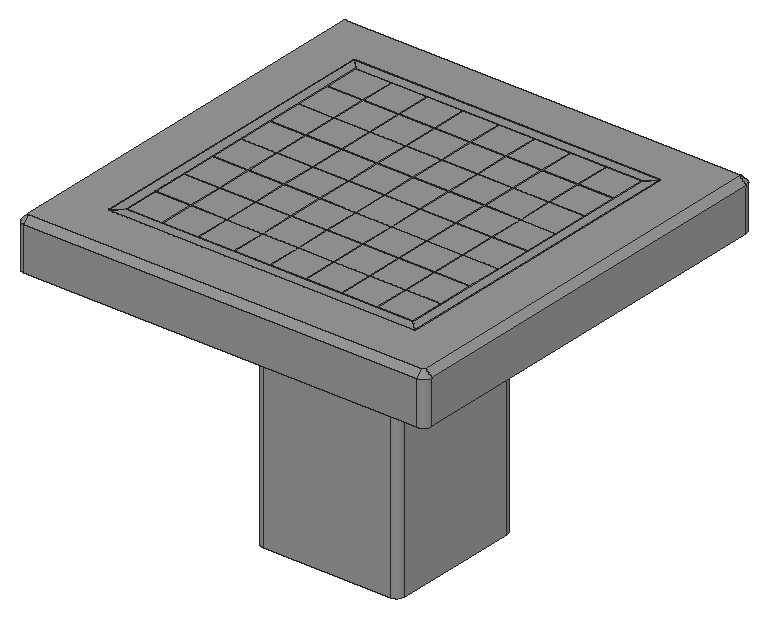
Revit family "13995 Комплект мебели «Лотос» Хоббика", category Антураж, Revit 2018
Family settings
  На основе рабочей плоскости = Нет
  Всегда вертикально = Да
  При загрузке вырезать с полостями = Нет
  Источник визуального образа = Геометрия семейства
  Общий = Нет
  Точка расчета площади = Нет
Parameters (values of type "Комплект мебели «Лотос». Стол")
  Ширина = if(Стол, 1000 mm, 350 mm)  # 1000 mm
  Цвет сидения = none
  Цвет основания = Бетон
  Стол = yes
  Пуф = not(Стол)  # no
  Описание = if(Стол, "Комплект мебели «Лотос». Стол", "Комплект мебели «Лотос». Пуф")  # "Комплект мебели «Лотос». Стол"
  Материал изделия = "Бетон, дерево"  # constant formula
  Изображение типоразмера = Комплект мебели «Лотос» Арт 13995.jpg
  Изготовитель = "ООО «Хоббика»"  # constant formula
  Длина = if(Стол, 1000 mm, 350 mm)  # 1000 mm
  Группа модели = "Комплекты садовой мебели"  # constant formula
  Высота = if(Стол, 750 mm, 470 mm)  # 750 mm
  Артикул товара = "Арт. 13995"  # constant formula
  URL = "https://hobbyka.ru/product/komplekt_mebeli_lotos/"
Types (3, lengths in mm): name | Ширина | Цвет сидения | Стол | Пуф | Описание | Длина | Высота
  (no name) | 1000 | none | yes | no | "Комплект мебели «Лотос». Стол" | 1000 | 750
  Комплект мебели «Лотос». Стол | 1000 | none | yes | no | "Комплект мебели «Лотос». Стол" | 1000 | 750
  Комплект мебели «Лотос». Пуф | 350 | Дерево | no | yes | "Комплект мебели «Лотос». Пуф" | 350 | 470
Reference planes
  plane 1 "По центру (Вперед/Назад)": y = 0
  plane 2: z = 0
  plane 3 "По центру (Влево/Вправо)": x = 0
Forms (mm)
  Extrusion 1, solid, material "Бетон" <- "Цвет основания", visible <- "Стол"
    sketch origin (0, 0, 0) x (1, 0, 0) y (0, 1, 0)
      loop
        arc (-155, 175) -> (-169.142, 169.142) -> (-175, 155) r 20
        line (-175, 155) -> (-175, -155)
        arc (-175, -155) -> (-169.142, -169.142) -> (-155, -175) r 20
        line (-155, -175) -> (155, -175)
        arc (155, -175) -> (169.142, -169.142) -> (175, -155) r 20
        line (175, -155) -> (175, 155)
        arc (175, 155) -> (169.142, 169.142) -> (155, 175) r 20
        line (155, 175) -> (-155, 175)
    from 0 to 630
  Extrusion 2, solid, material "Бетон" <- "Цвет основания", visible <- "Стол"
    sketch origin (0, 0, 0) x (1, 0, 0) y (0, 1, 0)
      loop
        arc (-480, 500) -> (-494.142, 494.142) -> (-500, 480) r 20
        line (-500, 480) -> (-500, -480)
        arc (-500, -480) -> (-494.142, -494.142) -> (-480, -500) r 20
        line (-480, -500) -> (480, -500)
        arc (480, -500) -> (494.142, -494.142) -> (500, -480) r 20
        line (500, -480) -> (500, 480)
        arc (500, 480) -> (494.142, 494.142) -> (480, 500) r 20
        line (480, 500) -> (-480, 500)
    from 630 to 750
  Sweep 3, void
    path origin (0, 0, 0) x (1, 0, 0) y (0, 1, 0)
      loop
        line (500, -480) -> (500, 480)
        arc (500, 480) -> (494.142, 494.142) -> (480, 500) r 20
        line (480, 500) -> (-480, 500)
        arc (-480, 500) -> (-494.142, 494.142) -> (-500, 480) r 20
        line (-500, 480) -> (-500, -480)
        arc (-500, -480) -> (-494.142, -494.142) -> (-480, -500) r 20
        line (-480, -500) -> (480, -500)
        arc (480, -500) -> (494.142, -494.142) -> (500, -480) r 20
    profile origin (500, 0, 0) x (-1, 0, 0) y (0, 0, 1)
      loop
        line (15.004, 750) -> (0, 750) -> (0, 734.996) -> (15.004, 750)
  Extrusion 4, void
    sketch origin (0, 0, 0) x (1, 0, 0) y (0, 1, 0)
      loop
        line (370, 375) -> (-370, 375)
        arc (-370, 375) -> (-373.533, 373.537) -> (-374.996, 370.004) r 4.996
        line (-374.996, 370.004) -> (-374.996, -370)
        arc (-374.996, -370) -> (-373.533, -373.533) -> (-370, -374.996) r 4.996
        line (-370, -374.996) -> (370, -374.996)
        arc (370, -374.996) -> (373.533, -373.533) -> (374.996, -370) r 4.996
        line (374.996, -370) -> (374.996, 370.004)
        arc (374.996, 370.004) -> (373.533, 373.537) -> (370, 375) r 4.996
    from 734.996 to 750
  Extrusion 5, solid, material "Черные клетки", visible <- "Стол"
    sketch origin (-0.025, -0.025, 0) x (0.00004, -1, 0) y (1, 0.00004, 0)
      loop
        line (373.456, -373.559) -> (350.52, -349.967) -> (-350.685, -349.967) -> (-373.568, -373.506)
        arc (-373.568, -373.506) -> (-371.947, -374.59) -> (-370.033, -374.971) r 4.996
        line (-370.033, -374.971) -> (369.975, -374.971)
        arc (369.975, -374.971) -> (371.853, -374.605) -> (373.456, -373.559) r 4.996
      loop
        arc (373.486, 373.58) -> (371.883, 374.625) -> (370.005, 374.992) r 4.996
        line (370.005, 374.992) -> (-370.003, 375.051)
        arc (-370.003, 375.051) -> (-371.917, 374.67) -> (-373.538, 373.586) r 4.996
        line (-373.538, 373.586) -> (-350.657, 350.045) -> (350.548, 349.989) -> (373.486, 373.58)
    from 734.996 to 750
  Extrusion 6, solid, material "Белые клетки", visible <- "Стол"
    sketch origin (0, 0, 0) x (1, -0.000075, 0) y (0.000075, 1, 0)
      loop
        line (-262.519, 349.992) -> (-350.032, 349.992) -> (-350.032, 262.473) -> (-262.509, 262.473) -> (-262.519, 349.992)
      loop
        line (-87.494, 350.005) -> (-175.007, 350.005) -> (-175.007, 262.486) -> (-87.484, 262.486) -> (-87.494, 350.005)
      loop
        line (87.531, 350.018) -> (0.018, 350.018) -> (0.018, 262.499) -> (87.541, 262.499) -> (87.531, 350.018)
      loop
        line (262.556, 350.031) -> (175.044, 350.031) -> (175.054, 262.512) -> (262.566, 262.512) -> (262.556, 350.031)
      loop
        line (-262.506, 174.969) -> (-350.019, 174.969) -> (-350.019, 87.45) -> (-262.496, 87.45) -> (-262.506, 174.969)
      loop
        line (-87.481, 174.982) -> (-174.994, 174.982) -> (-174.994, 87.463) -> (-87.471, 87.463) -> (-87.481, 174.982)
      loop
        line (87.544, 174.995) -> (0.032, 174.995) -> (0.032, 87.476) -> (87.554, 87.476) -> (87.544, 174.995)
      loop
        line (262.569, 175.008) -> (175.057, 175.008) -> (175.067, 87.489) -> (262.579, 87.489) -> (262.569, 175.008)
      loop
        line (-262.493, -0.055) -> (-350.006, -0.055) -> (-350.006, -87.574) -> (-262.483, -87.574) -> (-262.493, -0.055)
      loop
        line (-87.468, -0.042) -> (-174.981, -0.042) -> (-174.981, -87.561) -> (-87.458, -87.561) -> (-87.468, -0.042)
      loop
        line (87.557, -0.028) -> (0.045, -0.028) -> (0.045, -87.547) -> (87.567, -87.547) -> (87.557, -0.028)
      loop
        line (262.583, -0.015) -> (175.07, -0.015) -> (175.08, -87.534) -> (262.593, -87.534) -> (262.583, -0.015)
      loop
        line (-262.48, -175.078) -> (-349.993, -175.078) -> (-349.993, -262.597) -> (-262.47, -262.597) -> (-262.48, -175.078)
      loop
        line (-87.455, -175.065) -> (-174.967, -175.065) -> (-174.967, -262.584) -> (-87.445, -262.584) -> (-87.455, -175.065)
      loop
        line (87.57, -175.052) -> (0.058, -175.052) -> (0.058, -262.571) -> (87.58, -262.571) -> (87.57, -175.052)
      loop
        line (262.596, -175.039) -> (175.083, -175.039) -> (175.093, -262.558) -> (262.606, -262.558) -> (262.596, -175.039)
    from 734.996 to 750
  Extrusion 7, solid, material "Бетон" <- "Цвет основания", visible <- "Пуф"
    sketch origin (0, 0, 0) x (1, 0, 0) y (0, 1, 0)
      loop
        arc (-155, 175) -> (-169.142, 169.142) -> (-175, 155) r 20
        line (-175, 155) -> (-175, -155)
        arc (-175, -155) -> (-169.142, -169.142) -> (-155, -175) r 20
        line (-155, -175) -> (155, -175)
        arc (155, -175) -> (169.142, -169.142) -> (175, -155) r 20
        line (175, -155) -> (175, 155)
        arc (175, 155) -> (169.142, 169.142) -> (155, 175) r 20
        line (155, 175) -> (-155, 175)
    from 0 to 450
  Extrusion 8, solid, material <- "Цвет сидения", visible <- "Пуф"
    sketch origin (0, 0, 0) x (1, 0, 0) y (0, 0, 1)
      loop
        line (-175, 450) -> (-95, 450) -> (-95, 470) -> (-175, 470) -> (-175, 450)
      loop
        line (175, 450) -> (175, 470) -> (95, 470) -> (95, 450) -> (175, 450)
      loop
        line (-85, 450) -> (-5, 450) -> (-5, 470) -> (-85, 470) -> (-85, 450)
      loop
        line (85, 450) -> (85, 470) -> (5, 470) -> (5, 450) -> (85, 450)
    from -175 to 175
  Extrusion 9, solid, material "Черные клетки", visible <- "Стол"
    sketch origin (-0.041, 0.041, 0) x (-1, -0.000015, 0) y (0.000015, -1, 0)
      loop
        line (373.456, -373.559) -> (350.52, -349.967) -> (-350.685, -349.967) -> (-373.568, -373.506)
        arc (-373.568, -373.506) -> (-371.947, -374.59) -> (-370.033, -374.971) r 4.996
        line (-370.033, -374.971) -> (369.975, -374.971)
        arc (369.975, -374.971) -> (371.853, -374.605) -> (373.456, -373.559) r 4.996
      loop
        arc (373.486, 373.58) -> (371.883, 374.625) -> (370.005, 374.992) r 4.996
        line (370.005, 374.992) -> (-370.003, 375.051)
        arc (-370.003, 375.051) -> (-371.917, 374.67) -> (-373.538, 373.586) r 4.996
        line (-373.538, 373.586) -> (-350.657, 350.045) -> (350.548, 349.989) -> (373.486, 373.58)
    from 734.996 to 750
  Extrusion 10, solid, material "Черные клетки", visible <- "Стол"
    sketch origin (87.519, 0, 0) x (1, -0.000075, 0) y (0.000075, 1, 0)
      loop
        line (-262.519, 349.992) -> (-350.032, 349.992) -> (-350.032, 262.473) -> (-262.509, 262.473) -> (-262.519, 349.992)
      loop
        line (-87.494, 350.005) -> (-175.007, 350.005) -> (-175.007, 262.486) -> (-87.484, 262.486) -> (-87.494, 350.005)
      loop
        line (87.531, 350.018) -> (0.018, 350.018) -> (0.018, 262.499) -> (87.541, 262.499) -> (87.531, 350.018)
      loop
        line (262.556, 350.031) -> (175.044, 350.031) -> (175.054, 262.512) -> (262.566, 262.512) -> (262.556, 350.031)
      loop
        line (-262.506, 174.969) -> (-350.019, 174.969) -> (-350.019, 87.45) -> (-262.496, 87.45) -> (-262.506, 174.969)
      loop
        line (-87.481, 174.982) -> (-174.994, 174.982) -> (-174.994, 87.463) -> (-87.471, 87.463) -> (-87.481, 174.982)
      loop
        line (87.544, 174.995) -> (0.032, 174.995) -> (0.032, 87.476) -> (87.554, 87.476) -> (87.544, 174.995)
      loop
        line (262.569, 175.008) -> (175.057, 175.008) -> (175.067, 87.489) -> (262.579, 87.489) -> (262.569, 175.008)
      loop
        line (-262.493, -0.055) -> (-350.006, -0.055) -> (-350.006, -87.574) -> (-262.483, -87.574) -> (-262.493, -0.055)
      loop
        line (-87.468, -0.042) -> (-174.981, -0.042) -> (-174.981, -87.561) -> (-87.458, -87.561) -> (-87.468, -0.042)
      loop
        line (87.557, -0.028) -> (0.045, -0.028) -> (0.045, -87.547) -> (87.567, -87.547) -> (87.557, -0.028)
      loop
        line (262.583, -0.015) -> (175.07, -0.015) -> (175.08, -87.534) -> (262.593, -87.534) -> (262.583, -0.015)
      loop
        line (-262.48, -175.078) -> (-349.993, -175.078) -> (-349.993, -262.597) -> (-262.47, -262.597) -> (-262.48, -175.078)
      loop
        line (-87.455, -175.065) -> (-174.967, -175.065) -> (-174.967, -262.584) -> (-87.445, -262.584) -> (-87.455, -175.065)
      loop
        line (87.57, -175.052) -> (0.058, -175.052) -> (0.058, -262.571) -> (87.58, -262.571) -> (87.57, -175.052)
      loop
        line (262.596, -175.039) -> (175.083, -175.039) -> (175.093, -262.558) -> (262.606, -262.558) -> (262.596, -175.039)
    from 734.996 to 750
  Extrusion 11, solid, material "Черные клетки", visible <- "Стол"
    sketch origin (-0.004, -87.523, 0) x (1, -0.000075, 0) y (0.000075, 1, 0)
      loop
        line (-262.519, 349.992) -> (-350.032, 349.992) -> (-350.032, 262.473) -> (-262.509, 262.473) -> (-262.519, 349.992)
      loop
        line (-87.494, 350.005) -> (-175.007, 350.005) -> (-175.007, 262.486) -> (-87.484, 262.486) -> (-87.494, 350.005)
      loop
        line (87.531, 350.018) -> (0.018, 350.018) -> (0.018, 262.499) -> (87.541, 262.499) -> (87.531, 350.018)
      loop
        line (262.556, 350.031) -> (175.044, 350.031) -> (175.054, 262.512) -> (262.566, 262.512) -> (262.556, 350.031)
      loop
        line (-262.506, 174.969) -> (-350.019, 174.969) -> (-350.019, 87.45) -> (-262.496, 87.45) -> (-262.506, 174.969)
      loop
        line (-87.481, 174.982) -> (-174.994, 174.982) -> (-174.994, 87.463) -> (-87.471, 87.463) -> (-87.481, 174.982)
      loop
        line (87.544, 174.995) -> (0.032, 174.995) -> (0.032, 87.476) -> (87.554, 87.476) -> (87.544, 174.995)
      loop
        line (262.569, 175.008) -> (175.057, 175.008) -> (175.067, 87.489) -> (262.579, 87.489) -> (262.569, 175.008)
      loop
        line (-262.493, -0.055) -> (-350.006, -0.055) -> (-350.006, -87.574) -> (-262.483, -87.574) -> (-262.493, -0.055)
      loop
        line (-87.468, -0.042) -> (-174.981, -0.042) -> (-174.981, -87.561) -> (-87.458, -87.561) -> (-87.468, -0.042)
      loop
        line (87.557, -0.028) -> (0.045, -0.028) -> (0.045, -87.547) -> (87.567, -87.547) -> (87.557, -0.028)
      loop
        line (262.583, -0.015) -> (175.07, -0.015) -> (175.08, -87.534) -> (262.593, -87.534) -> (262.583, -0.015)
      loop
        line (-262.48, -175.078) -> (-349.993, -175.078) -> (-349.993, -262.597) -> (-262.47, -262.597) -> (-262.48, -175.078)
      loop
        line (-87.455, -175.065) -> (-174.967, -175.065) -> (-174.967, -262.584) -> (-87.445, -262.584) -> (-87.455, -175.065)
      loop
        line (87.57, -175.052) -> (0.058, -175.052) -> (0.058, -262.571) -> (87.58, -262.571) -> (87.57, -175.052)
      loop
        line (262.596, -175.039) -> (175.083, -175.039) -> (175.093, -262.558) -> (262.606, -262.558) -> (262.596, -175.039)
    from 734.996 to 750
  Extrusion 12, solid, material "Белые клетки", visible <- "Стол"
    sketch origin (87.512, -87.512, 0) x (1, -0.000075, 0) y (0.000075, 1, 0)
      loop
        line (-262.519, 349.992) -> (-350.032, 349.992) -> (-350.032, 262.473) -> (-262.509, 262.473) -> (-262.519, 349.992)
      loop
        line (-87.494, 350.005) -> (-175.007, 350.005) -> (-175.007, 262.486) -> (-87.484, 262.486) -> (-87.494, 350.005)
      loop
        line (87.531, 350.018) -> (0.018, 350.018) -> (0.018, 262.499) -> (87.541, 262.499) -> (87.531, 350.018)
      loop
        line (262.556, 350.031) -> (175.044, 350.031) -> (175.054, 262.512) -> (262.566, 262.512) -> (262.556, 350.031)
      loop
        line (-262.506, 174.969) -> (-350.019, 174.969) -> (-350.019, 87.45) -> (-262.496, 87.45) -> (-262.506, 174.969)
      loop
        line (-87.481, 174.982) -> (-174.994, 174.982) -> (-174.994, 87.463) -> (-87.471, 87.463) -> (-87.481, 174.982)
      loop
        line (87.544, 174.995) -> (0.032, 174.995) -> (0.032, 87.476) -> (87.554, 87.476) -> (87.544, 174.995)
      loop
        line (262.569, 175.008) -> (175.057, 175.008) -> (175.067, 87.489) -> (262.579, 87.489) -> (262.569, 175.008)
      loop
        line (-262.493, -0.055) -> (-350.006, -0.055) -> (-350.006, -87.574) -> (-262.483, -87.574) -> (-262.493, -0.055)
      loop
        line (-87.468, -0.042) -> (-174.981, -0.042) -> (-174.981, -87.561) -> (-87.458, -87.561) -> (-87.468, -0.042)
      loop
        line (87.557, -0.028) -> (0.045, -0.028) -> (0.045, -87.547) -> (87.567, -87.547) -> (87.557, -0.028)
      loop
        line (262.583, -0.015) -> (175.07, -0.015) -> (175.08, -87.534) -> (262.593, -87.534) -> (262.583, -0.015)
      loop
        line (-262.48, -175.078) -> (-349.993, -175.078) -> (-349.993, -262.597) -> (-262.47, -262.597) -> (-262.48, -175.078)
      loop
        line (-87.455, -175.065) -> (-174.967, -175.065) -> (-174.967, -262.584) -> (-87.445, -262.584) -> (-87.455, -175.065)
      loop
        line (87.57, -175.052) -> (0.058, -175.052) -> (0.058, -262.571) -> (87.58, -262.571) -> (87.57, -175.052)
      loop
        line (262.596, -175.039) -> (175.083, -175.039) -> (175.093, -262.558) -> (262.606, -262.558) -> (262.596, -175.039)
    from 734.996 to 750
Cuts and joins
  Sweep 3, Extrusion 4 cuts Extrusion 2
  Extrusion 4 cuts Extrusion 1
Lines and regions (mm)
  reference lines
    curve 1: line (-500, -345, 0) -> (-500, 750, 0)
    curve 2: line (500, -600, 0) -> (500, 750, 0)
    curve 3: line (-660, 500, 0) -> (700, 500, 0)
    curve 4: line (-915, -500, 0) -> (375, -500, 0)
    curve 5: line (0, 591.014, 750) -> (0, -488.986, 750)
Dimensions and locks
  "Длина": curve 1 to curve 2
  "Ширина": curve 4 to curve 3
  equal spacing: curve 1, plane 3 "По центру (Влево/Вправо)", curve 2
  equal spacing: curve 4, plane 1 "По центру (Вперед/Назад)", curve 3
  "Высота": level to curve 5
  aligned and locked: level to plane 2
Automatic sketch dimensions
  Extrusion 1 sketch curve to plane 3 "По центру (Влево/Вправо)" = 175 mm
  Extrusion 1 sketch curve to Extrusion 1 sketch curve = 20 mm  (x3)
  plane 3 "По центру (Влево/Вправо)" to Extrusion 1 sketch curve = 155 mm  (x2)
  plane 1 "По центру (Вперед/Назад)" to Extrusion 1 sketch curve = 175 mm
  Extrusion 1 sketch curve to plane 1 "По центру (Вперед/Назад)" = 155 mm
  Extrusion 2 sketch curve to plane 3 "По центру (Влево/Вправо)" = 500 mm
  Extrusion 2 sketch curve to Extrusion 2 sketch curve = 20 mm  (x3)
  plane 3 "По центру (Влево/Вправо)" to Extrusion 2 sketch curve = 480 mm  (x2)
  plane 1 "По центру (Вперед/Назад)" to Extrusion 2 sketch curve = 500 mm
  Extrusion 2 sketch curve to plane 1 "По центру (Вперед/Назад)" = 480 mm
  Sweep 3 sketch curve to plane 3 "По центру (Влево/Вправо)" = 500 mm
  Sweep 3 sketch curve to Sweep 3 sketch curve = 20 mm  (x3)
  plane 3 "По центру (Влево/Вправо)" to Sweep 3 sketch curve = 480 mm  (x2)
  plane 1 "По центру (Вперед/Назад)" to Sweep 3 sketch curve = 500 mm
  Sweep 3 sketch curve to plane 1 "По центру (Вперед/Назад)" = 480 mm
  Sweep 3 sketch curve to profile plane = 0 mm
  Sweep 3 sketch curve to Sweep 3 sketch curve = 15.004 mm  (x2)
  level to Sweep 3 sketch curve = 734.996 mm
  Extrusion 4 sketch curve to plane 3 "По центру (Влево/Вправо)" = 374.996 mm
  Extrusion 4 sketch curve to Extrusion 4 sketch curve = 4.996 mm  (x3)
  plane 3 "По центру (Влево/Вправо)" to Extrusion 4 sketch curve = 370 mm  (x2)
  plane 1 "По центру (Вперед/Назад)" to Extrusion 4 sketch curve = 374.996 mm
  Extrusion 4 sketch curve to plane 1 "По центру (Вперед/Назад)" = 370.004 mm
  Extrusion 5 sketch curve to plane 1 "По центру (Вперед/Назад)" = 373.528 mm  (x6)
  Extrusion 5 sketch curve to Extrusion 5 sketch curve = 3.535 mm
  Extrusion 5 sketch curve to plane 1 "По центру (Вперед/Назад)" = 369.993 mm  (x3)
  Extrusion 5 sketch curve to Extrusion 5 sketch curve = 19.348 mm
  Extrusion 5 sketch curve to Extrusion 5 sketch curve = 19.346 mm  (x4)
  plane 1 "По центру (Вперед/Назад)" to Extrusion 5 sketch curve = 350.559 mm  (x8)
  plane 1 "По центру (Вперед/Назад)" to Extrusion 5 sketch curve = 370.015 mm  (x4)
  Extrusion 5 sketch curve to Extrusion 5 sketch curve = 3.48 mm  (x4)
  Extrusion 5 sketch curve to plane 3 "По центру (Влево/Вправо)" = 373.57 mm
  Extrusion 5 sketch curve to Extrusion 5 sketch curve = 1.412 mm
  Extrusion 5 sketch curve to Extrusion 5 sketch curve = 20.008 mm
  plane 3 "По центру (Влево/Вправо)" to Extrusion 5 sketch curve = 349.978 mm
  plane 3 "По центру (Влево/Вправо)" to Extrusion 5 sketch curve = 350.006 mm
  Extrusion 5 sketch curve to Extrusion 5 sketch curve = 20.007 mm
  Extrusion 5 sketch curve to Extrusion 5 sketch curve = 20.01 mm
  Extrusion 5 sketch curve to Extrusion 5 sketch curve = 3.584 mm
  Extrusion 5 sketch curve to Extrusion 5 sketch curve = 3.531 mm
  Extrusion 6 sketch curve to plane 1 "По центру (Вперед/Назад)" = 262.499 mm
  Extrusion 6 sketch curve to plane 3 "По центру (Влево/Вправо)" = 350.012 mm
  Extrusion 6 sketch curve to Extrusion 6 sketch curve = 0.013 mm  (x16)
  Extrusion 6 sketch curve to Extrusion 6 sketch curve = 87.513 mm  (x13)
  Extrusion 6 sketch curve to Extrusion 6 sketch curve = 0.01 mm  (x12)
  Extrusion 6 sketch curve to Extrusion 6 sketch curve = 0.003 mm  (x15)
  Extrusion 6 sketch curve to Extrusion 6 sketch curve = 87.503 mm  (x7)
  Extrusion 6 sketch curve to Extrusion 6 sketch curve = 87.465 mm
  Extrusion 6 sketch curve to Extrusion 6 sketch curve = 87.504 mm  (x11)
  Extrusion 6 sketch curve to Extrusion 6 sketch curve = 87.519 mm  (x7)
  curve 3 to curve 1 = 160 mm
  curve 4 to curve 1 = 415 mm
  curve 4 to curve 2 = 125 mm
  curve 2 to curve 3 = 200 mm
  curve 2 to curve 4 = 100 mm
  plane 1 "По центру (Вперед/Назад)" to curve 1 = 345 mm
  curve 3 to curve 2 = 250 mm
  curve 3 to curve 1 = 250 mm
  plane 1 "По центру (Вперед/Назад)" to curve 5 = 488.986 mm
  curve 5 to plane 1 "По центру (Вперед/Назад)" = 591.014 mm
  Extrusion 7 sketch curve to plane 3 "По центру (Влево/Вправо)" = 175 mm
  Extrusion 7 sketch curve to Extrusion 7 sketch curve = 20 mm  (x3)
  plane 3 "По центру (Влево/Вправо)" to Extrusion 7 sketch curve = 155 mm  (x2)
  plane 1 "По центру (Вперед/Назад)" to Extrusion 7 sketch curve = 175 mm
  Extrusion 7 sketch curve to plane 1 "По центру (Вперед/Назад)" = 155 mm
  Extrusion 8 sketch curve to plane 3 "По центру (Влево/Вправо)" = 175 mm
  Extrusion 8 sketch curve to Extrusion 8 sketch curve = 80 mm  (x3)
  Extrusion 8 sketch curve to Extrusion 8 sketch curve = 10 mm  (x2)
  Extrusion 8 sketch curve to plane 3 "По центру (Влево/Вправо)" = 5 mm
  plane 3 "По центру (Влево/Вправо)" to Extrusion 8 sketch curve = 5 mm
  level to Extrusion 8 sketch curve = 450 mm
  Extrusion 8 sketch curve to Extrusion 8 sketch curve = 0 mm  (x5)
  Extrusion 8 sketch curve to Extrusion 8 sketch curve = 20 mm  (x2)
  plane 3 "По центру (Влево/Вправо)" to Extrusion 9 sketch curve = 373.521 mm
  plane 3 "По центру (Влево/Вправо)" to Extrusion 9 sketch curve = 373.503 mm
  Extrusion 9 sketch curve to Extrusion 9 sketch curve = 3.535 mm  (x3)
  Extrusion 9 sketch curve to Extrusion 9 sketch curve = 19.348 mm
  Extrusion 9 sketch curve to Extrusion 9 sketch curve = 19.346 mm
  Extrusion 9 sketch curve to plane 3 "По центру (Влево/Вправо)" = 350.567 mm
  Extrusion 9 sketch curve to plane 3 "По центру (Влево/Вправо)" = 350.584 mm
  Extrusion 9 sketch curve to Extrusion 9 sketch curve = 19.455 mm
  Extrusion 9 sketch curve to Extrusion 9 sketch curve = 19.457 mm
  Extrusion 9 sketch curve to Extrusion 9 sketch curve = 0 mm
  Extrusion 9 sketch curve to Extrusion 9 sketch curve = 3.48 mm  (x2)
  Extrusion 9 sketch curve to plane 1 "По центру (Вперед/Назад)" = 375.018 mm
  Extrusion 9 sketch curve to Extrusion 9 sketch curve = 1.412 mm
  Extrusion 9 sketch curve to Extrusion 9 sketch curve = 1.466 mm
  Extrusion 9 sketch curve to Extrusion 9 sketch curve = 20.008 mm
  plane 1 "По центру (Вперед/Назад)" to Extrusion 9 sketch curve = 349.953 mm
  plane 1 "По центру (Вперед/Назад)" to Extrusion 9 sketch curve = 349.999 mm
  Extrusion 9 sketch curve to Extrusion 9 sketch curve = 20.007 mm
  Extrusion 9 sketch curve to Extrusion 9 sketch curve = 20.01 mm
  Extrusion 9 sketch curve to Extrusion 9 sketch curve = 3.584 mm
  Extrusion 9 sketch curve to Extrusion 9 sketch curve = 3.531 mm
  Extrusion 10 sketch curve to plane 3 "По центру (Влево/Вправо)" = 262.493 mm
  Extrusion 10 sketch curve to plane 1 "По центру (Вперед/Назад)" = 262.499 mm
  Extrusion 10 sketch curve to Extrusion 10 sketch curve = 0.013 mm  (x16)
  Extrusion 10 sketch curve to Extrusion 10 sketch curve = 87.513 mm  (x13)
  Extrusion 10 sketch curve to Extrusion 10 sketch curve = 0.01 mm  (x12)
  Extrusion 10 sketch curve to Extrusion 10 sketch curve = 0.003 mm  (x15)
  Extrusion 10 sketch curve to Extrusion 10 sketch curve = 87.503 mm  (x7)
  Extrusion 10 sketch curve to Extrusion 10 sketch curve = 87.465 mm
  Extrusion 10 sketch curve to Extrusion 10 sketch curve = 87.504 mm  (x11)
  Extrusion 10 sketch curve to Extrusion 10 sketch curve = 87.519 mm  (x7)
  Extrusion 11 sketch curve to plane 1 "По центру (Вперед/Назад)" = 174.976 mm
  Extrusion 11 sketch curve to plane 3 "По центру (Влево/Вправо)" = 350.016 mm
  Extrusion 11 sketch curve to Extrusion 11 sketch curve = 0.013 mm  (x16)
  Extrusion 11 sketch curve to Extrusion 11 sketch curve = 87.513 mm  (x13)
  Extrusion 11 sketch curve to Extrusion 11 sketch curve = 0.01 mm  (x12)
  Extrusion 11 sketch curve to Extrusion 11 sketch curve = 0.003 mm  (x15)
  Extrusion 11 sketch curve to Extrusion 11 sketch curve = 87.503 mm  (x7)
  Extrusion 11 sketch curve to Extrusion 11 sketch curve = 87.465 mm
  Extrusion 11 sketch curve to Extrusion 11 sketch curve = 87.504 mm  (x11)
  Extrusion 11 sketch curve to Extrusion 11 sketch curve = 87.519 mm  (x7)
  Extrusion 12 sketch curve to plane 1 "По центру (Вперед/Назад)" = 174.987 mm
  Extrusion 12 sketch curve to plane 3 "По центру (Влево/Вправо)" = 262.5 mm
  Extrusion 12 sketch curve to Extrusion 12 sketch curve = 0.013 mm  (x16)
  Extrusion 12 sketch curve to Extrusion 12 sketch curve = 87.513 mm  (x13)
  Extrusion 12 sketch curve to Extrusion 12 sketch curve = 0.01 mm  (x12)
  Extrusion 12 sketch curve to Extrusion 12 sketch curve = 0.003 mm  (x15)
  Extrusion 12 sketch curve to Extrusion 12 sketch curve = 87.503 mm  (x7)
  Extrusion 12 sketch curve to Extrusion 12 sketch curve = 87.465 mm
  Extrusion 12 sketch curve to Extrusion 12 sketch curve = 87.504 mm  (x11)
  Extrusion 12 sketch curve to Extrusion 12 sketch curve = 87.519 mm  (x7)
